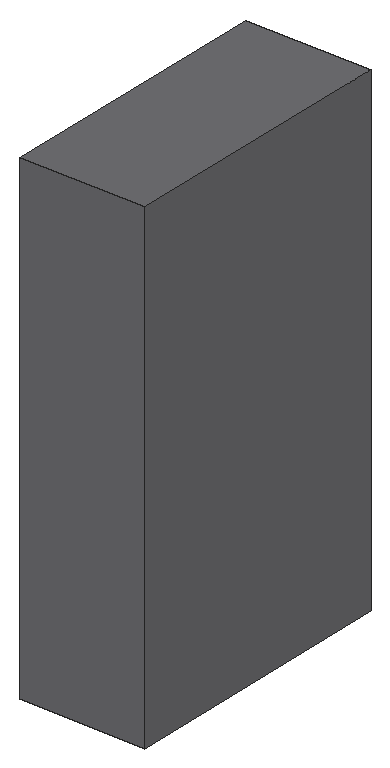
Revit family "BUS_End Cap 1600A", category Electrical Equipment, Revit 2025
Family settings
  Panel Configuration = Two Columns, Circuits Across
  Round Connector Dimension = Use Diameter
  Part Type = Panelboard
  OmniClass Number = 23.80.30.11.17
  OmniClass Title = Distribution Boards and Control Panels
  Work Plane-Based = No
  Always vertical = Yes
  Cut with Voids When Loaded = No
  Maintain Annotation Orientation = No
  Shared = No
  Room Calculation Point = No
Parameters (values of type "1600A")
  built-in parameter 1140142 [instance] = -1
  built-in parameter 1140140 [instance] = 1 (stored number, unit not read)
  built-in parameter 1155100 [instance] = -1
  Default Elevation = 0 mm
Reference planes
  plane 1 "Center (Front/Back)": y = 0
  plane 2: z = 0
  plane 3 "Center (Left/Right)": x = 0
Forms (mm)
  Extrusion 1, solid, material "Busduct End Cap"
    sketch origin (0, 0, -155) x (1, 0, 0) y (0, 1, 0)
      loop
        line (0, -90) -> (80, -90) -> (80, 90) -> (0, 90) -> (0, -90)
    from 0 to 310
Dimensions and locks
  aligned and locked: level to plane 2
